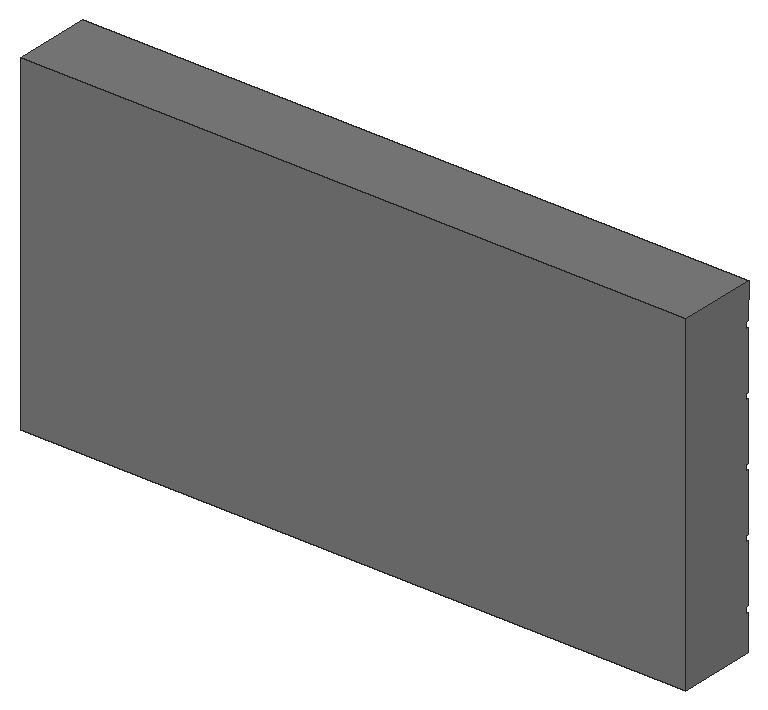
Revit family "Etixx31_ep140_R4-5", category Equipement spécialisé, Revit 2016
Family settings
  Type d'élément = Normal
  Cote de connecteur circulaire = Utiliser le diamètre
  Basée sur le plan de construction = Non
  Toujours verticalement = Oui
  Couper avec des vides une fois chargée = Non
  Partagée = Non
  Point de calcul de pièce = Non
Parameters (values of type "Etixx31_ep140_R4-5")
  Visibilité [instance] = yes
  URL = "https://www.isobox-isolation.fr/sites/default/files/produit_documents/plaquette_etixx_31_37juin2018_0.pdf"
  Transmission de la vapeur d’eau (μ) = "20-40"  # constant formula
  Résistance thermique = 4.5000 (m²·K)/W  # constant formula
  Modèle = "ep : 140mm"  # constant formula
  Matériaux = Isolant PSE Etixx 31
  Longueur [instance] = 1200.00 mm
  Largeur [instance] = 600.00 mm
  Image du type = Etixx31.jpg
  Fabricant = "Isobox"  # constant formula
  Epaisseur = 140.00 mm  # constant formula
  Empreinte carbone (Kg eq CO²/m²) = 9.11  # constant formula
  Description = "Etixx31 épaisseur 140"  # constant formula
  Coût = 0  # constant formula
  Conductivité thermique = 0.0310 W/(m·K)  # constant formula
Reference planes
  plane 1 "Centre (avant/arrière)": z = 0
  plane 2: y = 655.866
  plane 3 "Centre (gauche/droite)": x = 298.55
  plane 4 "Extérieur": y = 515.866
  plane 5: x = -901.45
  plane 6: z = 600
Forms (mm)
  Extrusion 1, solid, material "Isolant PSE Etixx 31" <- "Matériaux"
    sketch origin (0, 655.866, 600) x (0, 0, 1) y (-1, 0, 0)
      loop
        line (-600, 901.45) -> (-600, -298.55) -> (0, -298.55) -> (0, 901.45) -> (-600, 901.45)
    from 0 to 140
  Extrusion 2, void
    sketch origin (2.901, 655.866, 520) x (0, 0, 1) y (-1, 0, 0)
      loop
        line (-455, 904.351) -> (-455, -295.649) -> (-445, -295.649) -> (-445, 904.351) -> (-455, 904.351)
      loop
        line (-340, 904.351) -> (-340, -295.649) -> (-330, -295.649) -> (-330, 904.351) -> (-340, 904.351)
      loop
        line (-225, 904.351) -> (-225, -295.649) -> (-215, -295.649) -> (-215, 904.351) -> (-225, 904.351)
      loop
        line (-110, 904.351) -> (-110, -295.649) -> (-100, -295.649) -> (-100, 904.351) -> (-110, 904.351)
      loop
        line (5, 904.351) -> (5, -295.649) -> (15, -295.649) -> (15, 904.351) -> (5, 904.351)
    from 0 to 5
Cuts and joins
  Extrusion 2 cuts Extrusion 1
Dimensions and locks
  "Epaisseur": plane 4 "Extérieur" to plane 2
  "Longueur": plane 5 to plane 3 "Centre (gauche/droite)"
  "Largeur": plane 6 to level
  aligned and locked: plane 4 "Extérieur" to cut or joined group of Extrusion 1, Extrusion 2
  aligned and locked: plane 1 "Centre (avant/arrière)" to cut or joined group of Extrusion 1, Extrusion 2
  aligned and locked: plane 5 to Extrusion 1
  aligned and locked: plane 6 to cut or joined group of Extrusion 1, Extrusion 2
  aligned and locked: Extrusion 1 to Extrusion 2  (x9)
  aligned and locked: plane 3 "Centre (gauche/droite)" to Extrusion 2
Automatic sketch dimensions
  Extrusion 1 sketch curve to level = 0.00 mm
  Extrusion 1 sketch curve to plane 3 "Centre (gauche/droite)" = 0.00 mm
  level to Extrusion 1 sketch curve = 600.00 mm
  Extrusion 1 sketch curve to Extrusion 1 sketch curve = 1200.00 mm
  plane 3 "Centre (gauche/droite)" to Extrusion 2 sketch curve = 0.00 mm  (x5)
  level to Extrusion 2 sketch curve = 65.00 mm
  Extrusion 2 sketch curve to Extrusion 2 sketch curve = 10.00 mm  (x5)
  Extrusion 2 sketch curve to Extrusion 2 sketch curve = 105.00 mm  (x4)
  Extrusion 2 sketch curve to Extrusion 2 sketch curve = 1200.00 mm
  Extrusion 2 sketch curve to Extrusion 2 sketch curve = 0.00 mm  (x4)
